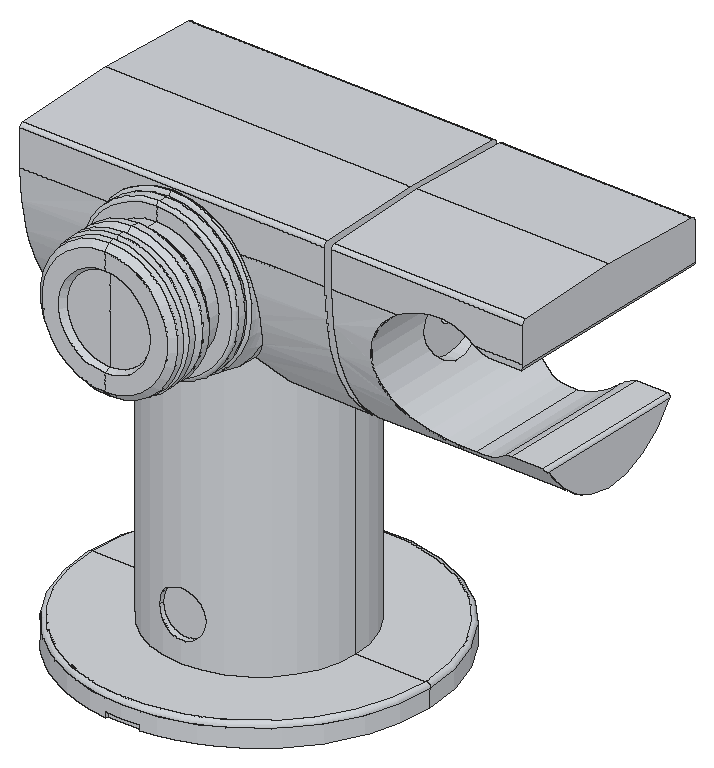
Revit family "Shower-Wall_Supply_Elbow-KOHLER-Exhale-K-98354", category Plumbing Fixtures, host Face, Revit 2015
Parameters (values of type "CP-Polished Chrome")
  Width = 2 15/16"  # constant formula
  Waste Water Outlet = "Waste Water Outlet"  # constant formula
  Waste Connection = 1 = 0  # no
  Vent Connection = 1 = 0  # no
  URL = "https://www.us.kohler.com/us/"
  Type = 1
  Tempered Water = "Tempered Water Inlet"  # constant formula
  Product Page URL = "http://www.us.kohler.com/us/catalog/productDetails.jsp?productNumber=98354"
  Product Name = "Exhale"  # constant formula
  Product Documentation Link = "http://www.us.kohler.com/onlinecatalog/pdf/K-98354_spec.pdf"
  Panel Thickness = 0"
  Model = if(Type = 1, "K-98354-CP", if(Type = 2, "K-98354-SN", if(Type = 3, "K-98354-BN", if(Type = 4, "K-98354-TT", "NA"))))  # "K-98354-CP"
  Material = "Metal Construction"  # constant formula
  MasterFormat 2004 = "22.41.23"  # constant formula
  MasterFormat 1995 = "15410"  # constant formula
  Manufacturer Address = "444 Highland Dr, Kohler, WI 53044"  # constant formula
  Manufacturer = "KOHLER Co."  # constant formula
  Length = 2 11/16"  # constant formula
  Hot Water Inlet = "Hot Water Inlet"  # constant formula
  Height = 1 3/4"  # constant formula
  HW Connection = 1 = 1  # yes
  Finish = Kohler-Metal-CP-Polished_Chrome
  Environmental Product Declaration = ""
  Drain Included = 1 = 0  # no
  Description = "Wall-mount handshower holder with supply elbow and check valve"  # constant formula
  Default Elevation = 42"
  Declare Label = ""
  Date Modified = "11/13/2018"  # constant formula
  Date Created = "11/13/2018"  # constant formula
  Copyright = "Copyright KOHLER Co."  # constant formula
  Contact Us = "https://www.us.kohler.com/us/static/contact.jsp"
  Cold Water Inlet = "Cold Water Inlet"  # constant formula
  CW Connection = 1 = 0  # no
  Assembly Code = "D2010700"
  ADA Compliant = 1 = 0  # no
Types (5): name | Type | Model | Finish
  (no name) | 1 | "K-98354-CP" | Kohler-Metal-CP-Polished_Chrome
  CP-Polished Chrome | 1 | "K-98354-CP" | Kohler-Metal-CP-Polished_Chrome
  SN-Vibrant Polished Nickel | 2 | "K-98354-SN" | Kohler-Metal-SN-Vibrant_Polished_Nickel
  BN-Vibrant Brushed Nickel | 3 | "K-98354-BN" | Kohler-Metal-BN-Vibrant_Brushed_Nickel
  TT-Titanium | 4 | "K-98354-TT" | Kohler-Metal-TT-Vibrant_Titanium
Reference planes (in)
  plane 1 "Center (Front/Back)": y = 0
  plane 2: z = 0
  plane 3 "Center (Left/Right)": x = 0
  plane 4: x = 2.04297
  plane 5: x = -1
  plane 6: y = 1
  plane 7: y = -1
  plane 8: z = 2.6875
  plane 9: x = -0.89453
  plane 10: y = 0.625
  plane 11: y = -1.125
Dimensions and locks (in)
  "Width": plane 9 to plane 4
  "Length": plane 8 to level
  "Height": plane 10 to plane 11
  aligned and locked: host face to plane 2
  aligned and locked: host face to level
Automatic sketch dimensions
  host sketch curve to host sketch curve = 96"  (x2)
Nested families (in)
  nested 1: "K-98354" at (0, 0, 0), type "K-98354"
Connectors (in)
  piping at (0, 0, 0), diameter 0.5, driven by "HW Connection", driven by "Tempered Water"
    settings: on nested 1, index 1, connector inside diameter 24", connector length 0", flow factor 0, pipe flow 0 GPM, pressure drop 0.00 psi, fitting loss kfactor 0, connector angle 0.00°, fixture units 0, engagement length 0", angle of deflection 0.00°, flow configuration 1, flow direction 1, fitting loss method 0, system type 19, joint type 0, gender type 0, connector reference index -1, connector utility 1, adjustable connector no, is connector primary yes, connector description "Tempered Water Inlet"
Definition of nested family "K-98354"
  Parameters (values of type "K-98354")
    Material = none
  Reference planes (in)
    plane 1 "Center (Front/Back)": y = 0
    plane 2: z = 0
    plane 3 "Center (Left/Right)": x = 0
    plane 4: x = 1
    plane 5: z = 2.6875
    plane 6: x = -0.89453
    plane 7: x = -1
    plane 8: y = 1
    plane 9: y = -1
    plane 10: x = 2.04297
    plane 11: y = 0.625
    plane 12: y = -0.625
    plane 13: y = -1.125
  Forms (in)
    Revolve 1, solid, material <- "Material", detail levels medium+fine
      sketch origin (0, 0, 0) x (1, 0, 0) y (0, 0, 1)
        loop
          line (-1, 0.10273) -> (-1, 0) -> (0, 0) -> (0, 2.18255) -> (-0.56693, 2.18255) -> (-0.56693, 0.12992) -> (-0.97281, 0.12992)
          arc (-0.97281, 0.12992) -> (-0.99204, 0.12196) -> (-1, 0.10273) r 0.02719
        axis (0, 2.18255) -> (0, 0)
      angle from 0 to 360
    Extrusion 2, solid, material <- "Material", detail levels medium+fine
      sketch origin (0.00941, 0.00001, -0.0625) x (0, 1, 0) y (0, 0, 1)
        loop
          arc (0.62499, 2.70502) -> (0.61871, 2.72098) -> (0.60323, 2.72839) r 0.02344
          arc (0.60323, 2.72839) -> (0.30181, 2.7446) -> (-0.00001, 2.75) r 8.43162
          arc (-0.00001, 2.75) -> (-0.30182, 2.7446) -> (-0.60325, 2.72839) r 8.43162
          arc (-0.60325, 2.72839) -> (-0.61872, 2.72098) -> (-0.62501, 2.70502) r 0.02344
          line (-0.62501, 2.70502) -> (-0.62501, 2.49861)
          spline (-0.62501, 2.49861) -> (-0.60371, 2.2617) -> (-0.54127, 2.04093) -> (-0.44195, 1.85136) -> (-0.31251, 1.70589) -> (-0.16177, 1.61445) -> (-0.00001, 1.58326) -> (0.16175, 1.61445) -> (0.31249, 1.70589) -> (0.44193, 1.85136) -> (0.54126, 2.04093) -> (0.6037, 2.2617) -> (0.62499, 2.49861)
          line (0.62499, 2.49861) -> (0.62499, 2.70502)
      from -0.90394 to 0.87442
    Extrusion 3, void
      sketch origin (0.03222, -0.01214, -0.0625) x (0, 1, 0) y (0, 0, 1)
        loop
          line (0.63714, 2.49861) -> (0.63714, 2.70502)
          arc (0.63714, 2.70502) -> (0.63086, 2.72098) -> (0.61538, 2.72839) r 0.02344
          arc (0.61538, 2.72839) -> (0.31395, 2.7446) -> (0.01214, 2.75) r 8.43162
          arc (0.01214, 2.75) -> (-0.28967, 2.7446) -> (-0.5911, 2.72839) r 8.43162
          arc (-0.5911, 2.72839) -> (-0.60658, 2.72098) -> (-0.61286, 2.70502) r 0.02344
          line (-0.61286, 2.70502) -> (-0.61286, 2.49861)
          spline (-0.61286, 2.49861) -> (-0.59156, 2.2617) -> (-0.52913, 2.04093) -> (-0.4298, 1.85136) -> (-0.30036, 1.70589) -> (-0.14962, 1.61445) -> (0.01214, 1.58326) -> (0.1739, 1.61445) -> (0.32464, 1.70589) -> (0.45408, 1.85136) -> (0.55341, 2.04093) -> (0.61584, 2.2617) -> (0.63714, 2.49861)
        loop
          line (1.01214, 3.14084) -> (-0.98786, 3.14084) -> (-0.98786, 1.23128) -> (1.01214, 1.23128) -> (1.01214, 3.14084)
      from 0.89129 to 2.28409
    Revolve 4, solid, material <- "Material", detail levels medium+fine
      sketch origin (0, 0, 0) x (0, 1, 0) y (0, 0, 1)
        loop
          line (-0.24409, 2.16232) -> (-1.0919, 2.16232) -> (-1.0919, 1.91362) -> (-1.125, 1.8945) -> (-1.125, 1.79518) -> (-1.09165, 1.76184) -> (-1.05851, 1.75599) -> (-1.0385, 1.77983) -> (-1.02274, 1.74968) -> (-0.98707, 1.74968) -> (-0.96146, 1.7802) -> (-0.92509, 1.74968) -> (-0.88057, 1.74968) -> (-0.82218, 1.80414) -> (-0.74409, 1.80414) -> (-0.74409, 1.72368)
          arc (-0.74409, 1.72368) -> (-0.73823, 1.70952) -> (-0.72407, 1.70365) r 0.02003
          line (-0.72407, 1.70365) -> (-0.67327, 1.70365)
          arc (-0.67327, 1.70365) -> (-0.65941, 1.70934) -> (-0.65354, 1.72313) r 0.01973
          arc (-0.65354, 1.72313) -> (-0.64969, 1.70457) -> (-0.63839, 1.68935) r 0.04402
          arc (-0.63839, 1.68935) -> (-0.57758, 1.68847) -> (-0.52013, 1.66849) r 0.19064
          line (-0.52013, 1.66849) -> (-0.24409, 1.66849) -> (-0.24409, 2.16232)
        axis (-1.125, 2.16232) -> (-0.24409, 2.16232)
      angle from 0 to 360
    Extrusion 5, solid, material <- "Material", detail levels medium+fine
      sketch origin (0, 0, -0.0625) x (1, 0, 0) y (0, 0, 1)
        loop
          arc (1.28098, 2.48227) -> (1.38599, 2.54258) -> (1.50348, 2.57192) r 0.43939
          arc (1.50348, 2.57192) -> (1.64351, 2.55997) -> (1.76891, 2.49651) r 0.36885
          arc (1.76891, 2.49651) -> (1.8038, 2.47542) -> (1.84262, 2.46298) r 0.1751
          line (1.84262, 2.46298) -> (2.02321, 2.46298)
          arc (2.02321, 2.46298) -> (2.03718, 2.46877) -> (2.04297, 2.48274) r 0.01976
          line (2.04297, 2.48274) -> (2.04297, 2.8313) -> (0.92351, 2.8313) -> (0.92351, 1.5022) -> (2.04297, 1.5022) -> (2.04297, 1.85051)
          arc (2.04297, 1.85051) -> (2.03718, 1.86449) -> (2.02321, 1.87027) r 0.01976
          line (2.02321, 1.87027) -> (1.84262, 1.87027)
          arc (1.84262, 1.87027) -> (1.8038, 1.85783) -> (1.76891, 1.83675) r 0.1751
          arc (1.76891, 1.83675) -> (1.66991, 1.78187) -> (1.55892, 1.7596) r 0.36885
          arc (1.55892, 1.7596) -> (1.15135, 2.01763) -> (1.28098, 2.48227) r 0.40429
      from -0.66721 to 0.69982
    Extrusion 6, solid, material <- "Material", detail levels medium+fine
      sketch origin (0, 0, -0.08008) x (0, 1, 0) y (0, 0, 1)
        loop
          circle (0.00022, 2.19022) r 0.5
      from 0.44135 to 1.05346
    Extrusion 7, void
      sketch origin (0, 0, -0.08594) x (0, 1, 0) y (0, 0, 1)
        loop
          circle (-0.00023, 2.18741) r 0.05191
      from 0.97785 to 1.21311
    Extrusion 8, void
      sketch origin (0, 0, -0.08594) x (0, 1, 0) y (0, 0, 1)
        loop
          circle (0.00033, 2.18741) r 0.20731
      from 1.10552 to 1.40866
    Extrusion 9, void
      sketch origin (0, 0, 0) x (1, 0, 0) y (0, 0, 1)
        loop
          circle (-0.00068, 0.38924) r 0.13725
      from 0.52769 to 0.62124
    Extrusion 10, void
      sketch origin (0, 0, 0) x (1, 0, 0) y (0, 0, 1)
        loop
          line (-0.09843, 0.0315) -> (-0.09843, 0) -> (0.09843, 0) -> (0.09843, 0.0315) -> (-0.09843, 0.0315)
      from 0.9779 to 1.0485
    Extrusion 11, solid, material <- "Material", detail levels coarse
      sketch origin (0, 0, 0) x (1, 0, 0) y (0, 0, 1)
        loop
          circle (0, 2.16402) r 0.47244
      from -0.42318 to 1.125
    Extrusion 12, solid, material <- "Material", detail levels coarse
      sketch origin (0, 0, 0) x (0, 1, 0) y (0, 0, 1)
        loop
          line (0.625, 2.6875) -> (-0.625, 2.6875) -> (-0.625, 1.52076) -> (0.625, 1.52076) -> (0.625, 2.6875)
      from -0.89453 to 2.04297
    Extrusion 13, solid, material <- "Material", detail levels coarse
      sketch origin (0, 0, 0) x (1, 0, 0) y (0, 1, 0)
        loop
          circle (0, 0) r 1
      from 0 to 0.12992
    Extrusion 14, solid, material <- "Material", detail levels coarse
      sketch origin (0, 0, 0) x (1, 0, 0) y (0, 1, 0)
        loop
          circle (0, 0) r 0.5
      from 0 to 2.46298
  Cuts and joins
    joined: Extrusion 11, Extrusion 12, Extrusion 13, Extrusion 14
    Extrusion 9, Extrusion 10 cuts Revolve 1
    Extrusion 3, Extrusion 7, Extrusion 8 cuts Extrusion 5
    joined: Revolve 1, Extrusion 2, Revolve 4, Extrusion 5, Extrusion 6
  Lines and regions (in)
    Masking region 1
      outline origin (0, 0, 0) x (1, 0, 0) y (0, 1, 0)
        loop
          line (2.04297, -0.60156) -> (2.04297, 0.60321)
          arc (2.04297, 0.60321) -> (2.03659, 0.61862) -> (2.02118, 0.625) r 0.02179
          line (2.02118, 0.625) -> (0.94695, 0.625)
          arc (0.94695, 0.625) -> (0.93038, 0.61814) -> (0.92351, 0.60156) r 0.02344
          line (0.92351, 0.60156) -> (0.92351, 0.50022) -> (0.88383, 0.50022) -> (0.88383, 0.60156)
          arc (0.88383, 0.60156) -> (0.87696, 0.61814) -> (0.86039, 0.625) r 0.02344
          line (0.86039, 0.625) -> (0.78, 0.625)
          arc (0.78, 0.625) -> (0.43251, 0.90093) -> (0, 1) r 1.00332
          arc (0, 1) -> (-0.43251, 0.90093) -> (-0.78, 0.625) r 1.00332
          line (-0.78, 0.625) -> (-0.87109, 0.625)
          arc (-0.87109, 0.625) -> (-0.88767, 0.61814) -> (-0.89453, 0.60156) r 0.02344
          line (-0.89453, 0.60156) -> (-0.89453, 0.44639)
          arc (-0.89453, 0.44639) -> (-0.97248, 0.22916) -> (-1, 0) r 1.02793
          arc (-1, 0) -> (-0.97248, -0.22916) -> (-0.89453, -0.44639) r 1.02793
          line (-0.89453, -0.44639) -> (-0.89453, -0.60156)
          arc (-0.89453, -0.60156) -> (-0.88767, -0.61814) -> (-0.87109, -0.625) r 0.02344
          line (-0.87109, -0.625) -> (-0.78, -0.625)
          arc (-0.78, -0.625) -> (-0.62199, -0.78218) -> (-0.43318, -0.9006) r 1.00332
          line (-0.43318, -0.9006) -> (-0.38211, -0.96146) -> (-0.41263, -0.98707) -> (-0.41263, -1.02274) -> (-0.38248, -1.0385) -> (-0.40633, -1.05851) -> (-0.40048, -1.09165) -> (-0.36713, -1.125) -> (0, -1.125) -> (0.36713, -1.125) -> (0.40048, -1.09165) -> (0.40633, -1.05851) -> (0.38248, -1.0385) -> (0.41263, -1.02274) -> (0.41263, -0.98707) -> (0.38211, -0.96146) -> (0.43318, -0.9006)
          arc (0.43318, -0.9006) -> (0.62199, -0.78218) -> (0.78, -0.625) r 1.00332
          line (0.78, -0.625) -> (0.86039, -0.625)
          arc (0.86039, -0.625) -> (0.87696, -0.61814) -> (0.88383, -0.60156) r 0.02344
          line (0.88383, -0.60156) -> (0.88383, -0.50022) -> (0.92351, -0.50022) -> (0.92351, -0.60156)
          arc (0.92351, -0.60156) -> (0.93038, -0.61814) -> (0.94695, -0.625) r 0.02344
          line (0.94695, -0.625) -> (2.01953, -0.625)
          arc (2.01953, -0.625) -> (2.0361, -0.61814) -> (2.04297, -0.60156) r 0.02344
    Masking region 2
      outline origin (0, 0, 0) x (1, 0, 0) y (0, 0, 1)
        loop
          line (-1, 0.10273) -> (-1, 0) -> (1, 0) -> (1, 0.10273)
          arc (1, 0.10273) -> (0.99204, 0.12196) -> (0.97281, 0.12992) r 0.02719
          line (0.97281, 0.12992) -> (0.56693, 0.12992) -> (0.56693, 1.52076) -> (0.86039, 1.52076)
          arc (0.86039, 1.52076) -> (0.87696, 1.52762) -> (0.88383, 1.54419) r 0.02344
          line (0.88383, 1.54419) -> (0.88383, 1.60996) -> (0.92351, 1.60996) -> (0.92351, 1.54419)
          arc (0.92351, 1.54419) -> (0.93038, 1.52762) -> (0.94695, 1.52076) r 0.02344
          line (0.94695, 1.52076) -> (2.01953, 1.52076)
          arc (2.01953, 1.52076) -> (2.0361, 1.52762) -> (2.04297, 1.54419) r 0.02344
          line (2.04297, 1.54419) -> (2.04297, 1.788)
          arc (2.04297, 1.788) -> (2.03718, 1.80198) -> (2.02319, 1.80777) r 0.01978
          line (2.02319, 1.80777) -> (1.84262, 1.80777)
          arc (1.84262, 1.80777) -> (1.80258, 1.79477) -> (1.7668, 1.77259) r 0.1751
          spline (1.7668, 1.77259) -> (1.75213, 1.7617) -> (1.73675, 1.75145) -> (1.72063, 1.74199) -> (1.70384, 1.73334) -> (1.68643, 1.72555) -> (1.66846, 1.71863) -> (1.64999, 1.71261) -> (1.6311, 1.70752) -> (1.61184, 1.70336) -> (1.59228, 1.70016) -> (1.5725, 1.69793) -> (1.55257, 1.69667)
          arc (1.55257, 1.69667) -> (1.15022, 1.95811) -> (1.28098, 2.41977) r 0.40429
          arc (1.28098, 2.41977) -> (1.38599, 2.48008) -> (1.50348, 2.50942) r 0.43939
          arc (1.50348, 2.50942) -> (1.64351, 2.49747) -> (1.76891, 2.43401) r 0.36885
          arc (1.76891, 2.43401) -> (1.8038, 2.41292) -> (1.84262, 2.40048) r 0.1751
          line (1.84262, 2.40048) -> (2.02321, 2.40048)
          arc (2.02321, 2.40048) -> (2.03718, 2.40627) -> (2.04297, 2.42024) r 0.01976
          line (2.04297, 2.42024) -> (2.04297, 2.66406)
          arc (2.04297, 2.66406) -> (2.0361, 2.68064) -> (2.01953, 2.6875) r 0.02344
          line (2.01953, 2.6875) -> (0.94695, 2.6875)
          arc (0.94695, 2.6875) -> (0.93038, 2.68064) -> (0.92351, 2.66406) r 0.02344
          line (0.92351, 2.66406) -> (0.92351, 2.61055) -> (0.88383, 2.61055) -> (0.88383, 2.66406)
          arc (0.88383, 2.66406) -> (0.87696, 2.68064) -> (0.86039, 2.6875) r 0.02344
          line (0.86039, 2.6875) -> (-0.87109, 2.6875)
          arc (-0.87109, 2.6875) -> (-0.88767, 2.68064) -> (-0.89453, 2.66406) r 0.02344
          line (-0.89453, 2.66406) -> (-0.89453, 1.54419)
          arc (-0.89453, 1.54419) -> (-0.88767, 1.52762) -> (-0.87109, 1.52076) r 0.02344
          line (-0.87109, 1.52076) -> (-0.56693, 1.52076) -> (-0.56693, 0.12992) -> (-0.97281, 0.12992)
          arc (-0.97281, 0.12992) -> (-0.99204, 0.12196) -> (-1, 0.10273) r 0.02719
    Masking region 3
      outline origin (0, 0, 0) x (0, 1, 0) y (0, 0, 1)
        loop
          arc (1, 0.10273) -> (0.99204, 0.12196) -> (0.97281, 0.12992) r 0.02719
          line (0.97281, 0.12992) -> (0.56693, 0.12992) -> (0.56693, 2.05079)
          spline (0.56693, 2.05079) -> (0.57608, 2.0811) -> (0.58448, 2.11188) -> (0.59211, 2.14308) -> (0.59896, 2.17466) -> (0.60503, 2.20659) -> (0.61031, 2.23881) -> (0.61479, 2.2713) -> (0.61846, 2.304) -> (0.62132, 2.33688) -> (0.62336, 2.36988) -> (0.62459, 2.40297) -> (0.625, 2.43611)
          line (0.625, 2.43611) -> (0.625, 2.64252)
          arc (0.625, 2.64252) -> (0.61872, 2.65848) -> (0.60324, 2.66589) r 0.02344
          arc (0.60324, 2.66589) -> (0.30181, 2.6821) -> (0, 2.6875) r 8.43162
          arc (0, 2.6875) -> (-0.30181, 2.6821) -> (-0.60324, 2.66589) r 8.43162
          arc (-0.60324, 2.66589) -> (-0.61872, 2.65848) -> (-0.625, 2.64326) r 0.02344
          arc (-0.625, 2.64326) -> (-0.64587, 2.62689) -> (-0.65354, 2.6015) r 0.04402
          arc (-0.65354, 2.6015) -> (-0.65941, 2.61529) -> (-0.67327, 2.62098) r 0.01973
          line (-0.67327, 2.62098) -> (-0.72407, 2.62098)
          arc (-0.72407, 2.62098) -> (-0.73823, 2.61511) -> (-0.74409, 2.60095) r 0.02003
          line (-0.74409, 2.60095) -> (-0.74409, 2.52049) -> (-0.82218, 2.52049) -> (-0.88057, 2.57495) -> (-0.92509, 2.57495) -> (-0.96146, 2.54443) -> (-0.98707, 2.57495) -> (-1.02274, 2.57495) -> (-1.0385, 2.5448) -> (-1.05851, 2.56864) -> (-1.09165, 2.5628) -> (-1.125, 2.52945) -> (-1.125, 1.79518) -> (-1.09165, 1.76184) -> (-1.05851, 1.75599) -> (-1.0385, 1.77983) -> (-1.02274, 1.74968) -> (-0.98707, 1.74968) -> (-0.96146, 1.7802) -> (-0.92509, 1.74968) -> (-0.88057, 1.74968) -> (-0.82218, 1.80414) -> (-0.74409, 1.80414) -> (-0.74409, 1.72368)
          arc (-0.74409, 1.72368) -> (-0.73823, 1.70952) -> (-0.72407, 1.70365) r 0.02003
          line (-0.72407, 1.70365) -> (-0.67327, 1.70365)
          arc (-0.67327, 1.70365) -> (-0.65941, 1.70934) -> (-0.65354, 1.72313) r 0.01973
          arc (-0.65354, 1.72313) -> (-0.64998, 1.70523) -> (-0.63947, 1.69031) r 0.04402
          arc (-0.63947, 1.69031) -> (-0.60199, 1.68363) -> (-0.56693, 1.66878) r 0.1702
          line (-0.56693, 1.66878) -> (-0.56693, 0.52397)
          arc (-0.56693, 0.52397) -> (-0.54863, 0.38876) -> (-0.56693, 0.25356) r 0.50872
          line (-0.56693, 0.25356) -> (-0.56693, 0.12992) -> (-0.97281, 0.12992)
          arc (-0.97281, 0.12992) -> (-0.99204, 0.12196) -> (-1, 0.10273) r 0.02719
          line (-1, 0.10273) -> (-1, 0) -> (1, 0) -> (1, 0.10273)
    symbolic lines, detail levels medium+fine
      curve 1: line (-0.78, 0.625, 0) -> (0.78, 0.625, 0)
      curve 2: line (-0.89453, 0.44639, 0) -> (-0.89453, -0.44639, 0)
      curve 3: line (-0.78, -0.625, 0) -> (0.78, -0.625, 0)
      curve 4: line (0.88383, -0.49978, 0) -> (0.88383, 0.50022, 0)
      curve 5: line (0.92351, 0.50022, 0) -> (0.92351, -0.49978, 0)
      curve 6: arc (-0.4435, -0.65354, 0) -> (-0.46406, -0.64524, 0) -> (-0.4731, -0.625, 0) r 0.02962
      curve 7: line (-0.45892, -0.67354, 0) -> (-0.45892, -0.72439, 0)
      curve 8: line (-0.43929, -0.74403, 0) -> (0.43929, -0.74403, 0)
      curve 9: line (-0.35846, -0.74403, 0) -> (-0.35846, -0.82218, 0)
      curve 10: line (-0.35846, -0.82218, 0) -> (-0.43318, -0.9006, 0)
      curve 11: arc (-0.43892, -0.65354, 0) -> (-0.45307, -0.6594, 0) -> (-0.45892, -0.67354, 0) r 0.02
      curve 12: arc (-0.45892, -0.72439, 0) -> (-0.45317, -0.73828, 0) -> (-0.43929, -0.74403, 0) r 0.01964
      curve 13: arc (0.4435, -0.65354, 0) -> (0.46406, -0.64524, 0) -> (0.4731, -0.625, 0) r 0.02962
      curve 14: line (0.45892, -0.67354, 0) -> (0.45892, -0.72439, 0)
      curve 15: line (0.35846, -0.74403, 0) -> (0.35846, -0.82218, 0)
      curve 16: line (0.35846, -0.82218, 0) -> (0.43318, -0.9006, 0)
      curve 17: arc (0.43892, -0.65354, 0) -> (0.45307, -0.6594, 0) -> (0.45892, -0.67354, 0) r 0.02
      curve 18: arc (0.45892, -0.72439, 0) -> (0.45317, -0.73828, 0) -> (0.43929, -0.74403, 0) r 0.01964
      curve 19: line (-0.4435, -0.65354, 0) -> (0.4435, -0.65354, 0)
      curve 20: line (-0.35846, -0.82218, 0) -> (0.35846, -0.82218, 0)
      curve 21: line (-0.43318, -0.9006, 0) -> (0.43318, -0.9006, 0)
      curve 22: line (-0.38211, -0.96146, 0) -> (0.38211, -0.96146, 0)
      curve 23: line (-0.38248, -1.0385, 0) -> (0.38248, -1.0385, 0)
      curve 24: line (-0.40048, -1.09165, 0) -> (0.40048, -1.09165, 0)
      curve 25: line (-0.97281, 0, 0.12992) -> (0.97281, 0, 0.12992)
      curve 26: line (0.88383, 0, 2.61055) -> (0.88383, 0, 1.60996)
      curve 27: line (0.92351, 0, 2.61055) -> (0.92351, 0, 1.60996)
      curve 28: line (0, 0.56693, 0.12992) -> (0, -0.56693, 0.12992)
      curve 29: line (0, -0.625, 2.64326) -> (0, -0.625, 2.43611)
      curve 30: line (0, -0.65354, 2.6015) -> (0, -0.65354, 1.72313)
      curve 31: line (0, -0.74409, 2.52049) -> (0, -0.74409, 1.80414)
      curve 32: line (0, -0.82218, 2.52049) -> (0, -0.82218, 1.80414)
      curve 33: line (0, -0.88057, 2.57495) -> (0, -0.88057, 1.74968)
      curve 34: line (0, -0.96146, 2.54443) -> (0, -0.96146, 1.7802)
      curve 35: line (0, -1.0385, 2.5448) -> (0, -1.0385, 1.77983)
      curve 36: line (0, -1.09165, 2.5628) -> (0, -1.09165, 1.76184)
      curve 37: arc (0, -0.56693, 1.66878) -> (0, -0.49182, 1.71325) -> (0, -0.43616, 1.78049) r 0.25441
      curve 38: spline (0, -0.625, 2.43611) -> (0, -0.60916, 2.23136) -> (0, -0.56246, 2.03699) -> (0, -0.48725, 1.86284) -> (0, -0.38735, 1.71774) -> (0, -0.26781, 1.60905) -> (0, -0.13471, 1.54227) -> (0, 0.00522, 1.52079) -> (0, 0.14488, 1.54569) -> (0, 0.27721, 1.61571) -> (0, 0.39548, 1.72731) -> (0, 0.49371, 1.87483) -> (0, 0.56693, 2.05079)
      curve 39: line (-0.56693, 0, 1.52076) -> (0.56693, 0, 1.52076)
  Dimensions and locks (in)
    plane 7 to plane 10 = 3 11/256"
    plane 10 to plane 6 = 2 15/16"
    plane 5 to level = 2 11/16"
    plane 11 to plane 13 = 1 3/4"
    aligned and locked: plane 2 to level
